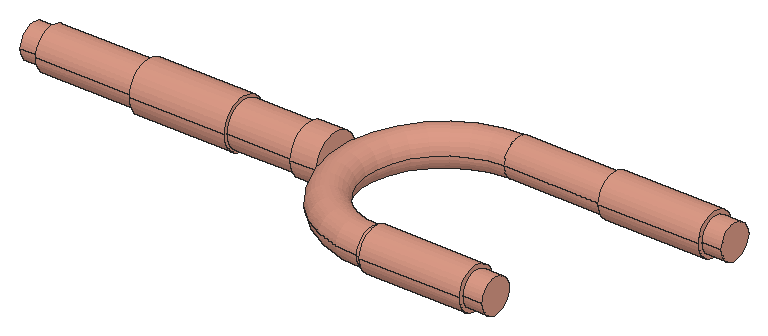
Revit family "outputfile", category 配管付属品, Revit 2024
Family settings
  丸型コネクタ寸法 = 半径を使用
  パーツ タイプ = 標準
  OmniClass 番号 = 23.65.55.00
  OmniClass タイトル = Distribution of Supplied Liquids/Gases
  作業面ベース = いいえ
  常に垂直 = はい
  ロード時にボイドで切り取り = いいえ
  共有 = いいえ
Parameters (values of type "KHRP24B22T")
  Description = ""
  製造元 = "Daikin"
  書き出し IFC クラス(タイプ) = "IfcPipeFittingType"
  定義済み IFC タイプ(タイプ) = "JUNCTION"
  Cost = 0
  Type Comments = ""
  Keynote = ""
  Type Image = (empty or 0)
  Assembly Code = ""
  switch_StraightPipe_Reducer2 [instance] = if(Is_StraightPipe Reducer = 1, 1 = 1, 1 = 0)  # no
  switch_StraightPipe1 [instance] = if(number_StraightPipe < 1, 1 = 0, 1 = 1)  # yes
  switch_StraightPipe4 [instance] = if(number_StraightPipe = 4, 1 = 1, 1 = 0)  # no
  switch_StraightPipe0 = if(1 = 1, 1 = 1, 1 = 0)  # yes
  switch_Inlet pipe1 [instance] = if(number_InletPipe = 0, 1 = 0, 1 = 1)  # yes
  switch_BranchPipe1 [instance] = if(number_BranchPipe = 0, 1 = 0, 1 = 1)  # yes
  mm⇔inch [instance] = yes
  l_dividePipe2 [instance] = size_lookup(table_Inlet, "L_devidePipe2", 49.3 mm, モデル)  # 49.26 mm
  l_dividePipe0 [instance] = 7.5 mm
  l_StraightPipe000 [instance] = if(l_StraightPipe0 = 36.0 mm, l_StraightPipe4 + l_StraightPipe0, 0.0 mm)  # 0.0 mm
  l_StraightPipe4 [instance] = size_lookup(table_StraightPipe, "L_Pipe4", 2.0 mm, モデル)  # 2.0 mm
  l_InletPipe000 [instance] = if(l_InletPipe3 = 2.0 mm, 0.0 mm, l_InletPipe3)  # 8.0 mm
  l_InletPipe00 = 11.47 mm
  l_BranchPipe_Straight2 [instance] = size_lookup(table_BranchPipe, "L_offsetPipe2", 2.0 mm, モデル)  # 2.0 mm
  l_BranchPipe_Straight1 [instance] = size_lookup(table_BranchPipe, "L_offsetPipe1", 2.0 mm, モデル)  # 2.0 mm
  URL = ""
  Is_StraightPipe Reducer1 [instance] = size_lookup(table_StraightPipe, "IsReducer1", 0, モデル, StraightPipe_Gas_ActualDiameter)  # 0
  I.D_StraightPipe4 [instance] = size_lookup(table_StraightPipe, "I.D_PipeSize4", 2.0 mm, モデル)  # 2.0 mm
  I.D_InletPipe000 [instance] = I.D_OutletPipe + 2.0 mm  # 15.88 mm
  I.D_InletPipe00 = 19.2 mm
  既定の高さ = 0.0 mm
  モデル = "KHRP24B22T"
  table_StraightPipe [instance] = if(mm⇔inch, "Refnet Joint_KHRP24B-T_Gas_StraightPipe", "Refnet Joint_KHRP24B-T_Gas_StraightPipe_inch")  # "Refnet Joint_KHRP24B-T_Gas_StraightPipe"
  table_BranchPipe [instance] = if(mm⇔inch, "Refnet Joint_KHRP24B-T_Gas_BranchPipe", "Refnet Joint_KHRP24B-T_Gas_BranchPipe_inch")  # "Refnet Joint_KHRP24B-T_Gas_BranchPipe"
  table_Inlet [instance] = if(mm⇔inch, "Refnet Joint_KHRP24B-T_Gas_Inlet", "Refnet Joint_KHRP24B-T_Gas_Inlet_inch")  # "Refnet Joint_KHRP24B-T_Gas_Inlet"
  switch_StraightPipe_Reducer1 [instance] = if(Is_StraightPipe Reducer1 = 1, 1 = 1, 1 = 0)  # no
  switch_StraightPipe3 [instance] = if(number_StraightPipe < 3, 1 = 0, 1 = 1)  # no
  switch_StraightPipe2 [instance] = if(number_StraightPipe < 2, 1 = 0, 1 = 1)  # no
  switch_BranchPipe_Reducer [instance] = if(Is_BranchPipe Reducer = 1, 1 = 1, 1 = 0)  # no
  switch_BranchPipe3 [instance] = if(number_BranchPipe = 3, 1 = 1, 1 = 0)  # no
  switch_BranchPipe2 [instance] = if(number_BranchPipe < 2, 1 = 0, 1 = 1)  # yes
  switch_Inlet pipe_Reducer [instance] = if(Is_Inlet Reducer = 1, 1 = 1, 1 = 0)  # no
  switch_Inlet pipe3 [instance] = if(number_InletPipe = 3, 1 = 1, 1 = 0)  # yes
  switch_Inlet pipe2 [instance] = if(number_InletPipe < 2, 1 = 0, 1 = 1)  # yes
  Uniclass2015Version = "Products v1.31"
  Uniclass2015Title = "Copper pipe fittings"
  Uniclass2015Code = "Pr_65_52_63_18"
  StraightPipe_Gas_ActualDiameter [instance] = 12.7 mm
  Material_Piping = DAIKIN_Copper_Pipe
  Material_Insulation = DAIKIN_White_Insulation
  lw_Insulation [instance] = size_lookup(table_Inlet, "lw_Insulation", 45.0 mm, モデル)  # 44.96 mm
  Unit Type = "KHRP24B-T_Gas"
  Tag No. [instance] = ""
  StraightPipe_Gas_Status [instance] = size_lookup(table_StraightPipe, "Information", "The connected pipe size is not available.", モデル, StraightPipe_Gas_ActualDiameter)  # "Default connector size is used."
  Link_Nested Family [instance] = ""
  Inlet_Gas_Actual Diameter [instance] = 12.7 mm
  IfcVersion = ""
  IfcExportType = "JUNCTION"
  IfcExportAs = "IfcPipeFittingType"
  BranchPipe_Gas_Status [instance] = size_lookup(table_BranchPipe, "Information", "The connected pipe size is not available.", モデル, BranchPipe_Gas_ActualDiameter)  # "Default connector size is used."
  Inlet_Gas_Status [instance] = size_lookup(table_Inlet, "Information", "The connected pipe size is not available.", モデル, Inlet_Gas_Actual Diameter)  # "Default connector size is used."
  Series = "Refnet Joint"
  r_StraightPipe_Connector [instance] = StraightPipe_Gas_ActualDiameter / 2  # 6.35 mm
  r_BranchPipe_Connector [instance] = BranchPipe_Gas_ActualDiameter / 2  # 6.35 mm
  r_Inlet_Connector [instance] = Inlet_Gas_Actual Diameter / 2  # 6.35 mm
  number_StraightPipe [instance] = size_lookup(table_StraightPipe, "pipeNumber", 2, モデル, StraightPipe_Gas_ActualDiameter)  # 1
  number_BranchPipe [instance] = size_lookup(table_BranchPipe, "pipeNumber", 2, モデル, BranchPipe_Gas_ActualDiameter)  # 2
  number_InletPipe [instance] = size_lookup(table_Inlet, "pipeNumber", 3, モデル, Inlet_Gas_Actual Diameter)  # 3
  l_BranchPipe connector [instance] = size_lookup(table_BranchPipe, "Length", 52.3 mm, モデル, BranchPipe_Gas_ActualDiameter)  # 52.27 mm
  l_inlet connector [instance] = size_lookup(table_Inlet, "Length", 131.5 mm, モデル, Inlet_Gas_Actual Diameter)  # 131.47 mm
  l_dividePipe1 [instance] = size_lookup(table_Inlet, "L_devidePipe1", 89.3 mm, モデル)  # 89.26 mm
  l_StraightPipeReducer [instance] = size_lookup(table_StraightPipe, "L_Reducer", 2.0 mm, モデル, StraightPipe_Gas_ActualDiameter)  # 2.0 mm
  l_StraightPipe3 [instance] = size_lookup(table_StraightPipe, "L_Pipe3", 2.0 mm, モデル)  # 2.0 mm
  l_StraightPipe2 [instance] = size_lookup(table_StraightPipe, "L_Pipe2", 8.7 mm, モデル)  # 2.0 mm
  l_StraightPipe1 [instance] = size_lookup(table_StraightPipe, "L_Pipe1", 43.6 mm, モデル)  # 8.7 mm
  l_StraightPipe0 [instance] = size_lookup(table_StraightPipe, "L_Pipe0", 2.0 mm, モデル)  # 43.6 mm
  l_StraightPipe connector [instance] = size_lookup(table_StraightPipe, "Length", 52.3 mm, モデル, StraightPipe_Gas_ActualDiameter)  # 52.3 mm
  l_BranchPipe Reducer [instance] = size_lookup(table_BranchPipe, "L_Reducer", 2.0 mm, モデル, BranchPipe_Gas_ActualDiameter)  # 2.0 mm
  l_BranchPipe3 [instance] = size_lookup(table_BranchPipe, "L_Pipe3", 2.0 mm, モデル)  # 2.0 mm
  l_BranchPipe2 [instance] = size_lookup(table_BranchPipe, "L_Pipe2", 8.7 mm, モデル)  # 8.65 mm
  l_BranchPipe1 [instance] = size_lookup(table_BranchPipe, "L_Pipe1", 43.6 mm, モデル)  # 43.62 mm
  l_BranchPipe0 [instance] = size_lookup(table_BranchPipe, "L_Pipe0", 2.0 mm, モデル)  # 2.0 mm
  l_InletReducer [instance] = size_lookup(table_Inlet, "L_Reducer", 2.0 mm, モデル, Inlet_Gas_Actual Diameter)  # 2.0 mm
  l_InletPipe3 [instance] = size_lookup(table_Inlet, "L_Pipe3", 8.0 mm, モデル)  # 8.0 mm
  l_InletPipe2 [instance] = size_lookup(table_Inlet, "L_Pipe2", 42.0 mm, モデル)  # 42.0 mm
  l_InletPipe1 [instance] = size_lookup(table_Inlet, "L_Pipe1", 41.4 mm, モデル)  # 41.41 mm
  l_InletPipe0 [instance] = size_lookup(table_Inlet, "L_Pipe0", 28.6 mm, モデル)  # 28.59 mm
  center_StraightPipe [instance] = size_lookup(table_StraightPipe, "center_Pipe", 40.0 mm, モデル)  # 40.0 mm
  center_BranchPipe [instance] = size_lookup(table_BranchPipe, "center_OffsetPipe", 40.0 mm, モデル)  # 40.0 mm
  StraightPipe_Gas_AvailableDiameter [instance] = size_lookup(table_StraightPipe, "sizeVariation", "", モデル)  # "12.7/15.9/19.1mm"
  BranchPipe_Gas_AvailableDiameter [instance] = size_lookup(table_BranchPipe, "sizeVariation", "", モデル)  # "12.7/15.9mm"
  Inlet_Gas_Available Diameter [instance] = size_lookup(table_Inlet, "sizeVariation", "", モデル)  # "12.7/15.9/19.1mm"
  O.D_StraightPipe Reducer [instance] = size_lookup(table_StraightPipe, "O.D_reducer", 2.0 mm, モデル, StraightPipe_Gas_ActualDiameter)  # 2.0 mm
  O.D_Offset Outlet Reducer [instance] = size_lookup(table_BranchPipe, "O.D_reducer", 2.0 mm, モデル, BranchPipe_Gas_ActualDiameter)  # 2.0 mm
  O.D_Inlet Reducer [instance] = size_lookup(table_Inlet, "O.D_reducer", 2.0 mm, モデル, Inlet_Gas_Actual Diameter)  # 2.0 mm
  Is_StraightPipe Reducer [instance] = size_lookup(table_StraightPipe, "IsReducer", 0, モデル, StraightPipe_Gas_ActualDiameter)  # 0
  Is_BranchPipe Reducer [instance] = size_lookup(table_BranchPipe, "IsReducer", 0, モデル, BranchPipe_Gas_ActualDiameter)  # 0
  Is_Inlet Reducer [instance] = size_lookup(table_Inlet, "IsReducer", 0, モデル, Inlet_Gas_Actual Diameter)  # 0
  BranchPipe_Gas_ActualDiameter [instance] = 12.7 mm
  Attach_Insulation [instance] = no
  I.D_StraightPipe3 [instance] = size_lookup(table_StraightPipe, "I.D_PipeSize3", 2.0 mm, モデル)  # 2.0 mm
  I.D_StraightPipe2 [instance] = size_lookup(table_StraightPipe, "I.D_PipeSize2", 12.7 mm, モデル)  # 2.0 mm
  I.D_StraightPipe1 [instance] = size_lookup(table_StraightPipe, "I.D_PipeSize1", 15.9 mm, モデル)  # 12.7 mm
  I.D_StraightPipe0 [instance] = size_lookup(table_StraightPipe, "I.D_PipeSize0", 2.0 mm, モデル)  # 15.9 mm
  I.D_BranchPipe3 [instance] = size_lookup(table_BranchPipe, "I.D_PipeSize3", 2.0 mm, モデル)  # 2.0 mm
  I.D_BranchPipe2 [instance] = size_lookup(table_BranchPipe, "I.D_PipeSize2", 12.7 mm, モデル)  # 12.7 mm
  I.D_BranchPipe1 [instance] = size_lookup(table_BranchPipe, "I.D_PipeSize1", 15.9 mm, モデル)  # 15.9 mm
  I.D_BranchPipe0 [instance] = size_lookup(table_BranchPipe, "I.D_PipeSize0", 2.0 mm, モデル)  # 2.0 mm
  I.D_Straight Reducer [instance] = size_lookup(table_StraightPipe, "I.D_reducer", 2.0 mm, モデル, StraightPipe_Gas_ActualDiameter)  # 2.0 mm
  I.D_OutletPipe [instance] = size_lookup(table_Inlet, "I.D_OutletPipeSize", 13.9 mm, モデル, Inlet_Gas_Actual Diameter)  # 13.88 mm
  I.D_Branch Reducer [instance] = size_lookup(table_BranchPipe, "I.D_reducer", 2.0 mm, モデル, BranchPipe_Gas_ActualDiameter)  # 2.0 mm
  I.D_Inlet Reducer [instance] = size_lookup(table_Inlet, "I.D_reducer", 2.0 mm, モデル, Inlet_Gas_Actual Diameter)  # 2.0 mm
  I.D_InletPipe3 [instance] = size_lookup(table_Inlet, "I.D_PipeSize3", 12.7 mm, モデル)  # 12.7 mm
  I.D_InletPipe2 [instance] = size_lookup(table_Inlet, "I.D_PipeSize2", 15.9 mm, モデル)  # 15.9 mm
  I.D_InletPipe1 [instance] = size_lookup(table_Inlet, "I.D_PipeSize1", 19.1 mm, モデル)  # 19.1 mm
  I.D_InletPipe0 [instance] = size_lookup(table_Inlet, "I.D_PipeSize0", 17.1 mm, モデル)  # 17.1 mm
Reference planes
  plane 1 "Center (Front/Back)": y = 0
  plane 2: z = 0
  plane 3 "base_left": x = 0
  plane 4: x = 8
  plane 5: x = 50
  plane 6: x = 91.41
  plane 7: x = 120
  plane 8: x = 131.47
  plane 9 "l_dividePipe1": x = 220.73
  plane 10: x = 264.33
  plane 11 "center_straight outlet": y = 40
  plane 12 "center2_offset outlet": y = -40
  plane 13: x = 273.03
  plane 14: x = 275.03
  plane 15: x = 224.35
  plane 16: x = 233
  plane 17: x = 277.03
  plane 18: x = 235
  plane 19 "Reducer_straightoutlet": x = 233
  plane 20 "connector1": x = 273.03
  plane 21 "Inlet_connector": x = 0
  plane 22 "Left_Insulation": x = 86.51
  plane 23: x = 138.97
  plane 24 "l_dividePipe2": x = 180.73
  plane 25: x = 178.97
  plane 26 "2": x = 8
  plane 27: x = 279.03
Forms (mm)
  Sweep 1, solid, material "DAIKIN_Copper_Pipe" <- "Material_Piping"
    path origin (0, 0, 0) x (1, 0, 0) y (0, 1, 0)
      loop
        line (180.73, -40) -> (178.97, -40)
        arc (178.97, -40) -> (138.97, 0) -> (178.97, 40) r 40
        line (178.97, 40) -> (220.73, 40)
    profile origin (199.85, 40, 0) x (0, 1, 0) y (0, 0, 1)
      loop
        circle (0, 0) r 7.94
Dimensions and locks
  "l_InletPipe3": plane 3 "base_left" to plane 4
  "l_InletPipe2": plane 26 "2" to plane 5
  "l_InletPipe1": plane 5 to plane 6
  "l_InletPipe0": plane 6 to plane 7
  "l_InletPipe00": plane 7 to plane 8
  "center_StraightPipe": plane 1 "Center (Front/Back)" to plane 11 "center_straight outlet"
  "center_BranchPipe": plane 12 "center2_offset outlet" to plane 1 "Center (Front/Back)"
  "l_dividePipe1": plane 8 to plane 9 "l_dividePipe1"
  "l_StraightPipe1": plane 10 to plane 13
  "l_BranchPipe2": plane 15 to plane 16
  "l_StraightPipe3": plane 14 to plane 17
  "l_BranchPipe3": plane 16 to plane 18
  "l_BranchPipe connector": plane 24 "l_dividePipe2" to plane 19 "Reducer_straightoutlet"
  "l_StraightPipe connector": plane 9 "l_dividePipe1" to plane 20 "connector1"
  "l_inlet connector": plane 21 "Inlet_connector" to plane 8
  "lw_Insulation": plane 22 "Left_Insulation" to plane 8
  "l_dividePipe0": plane 8 to plane 23
  "l_dividePipe2": plane 8 to plane 24 "l_dividePipe2"
  "l_BranchPipe1": plane 24 "l_dividePipe2" to plane 15
  "center_StraightPipe": plane 23 to plane 25
  "l_InletPipe000": plane 3 "base_left" to plane 26 "2"
  "l_StraightPipe0": plane 9 "l_dividePipe1" to plane 10
  "l_StraightPipe2": plane 13 to plane 14
  "l_StraightPipe4": plane 17 to plane 27
  "center_StraightPipe": radius of Sweep 1 sketch curve
  "I.D_InletPipe000": diameter of Sweep 1 sketch curve
  aligned and locked: level to plane 2
  aligned and locked: plane 8 to nested 1
  aligned and locked: plane 1 "Center (Front/Back)" to nested 1
  aligned and locked: plane 11 "center_straight outlet" to nested 2
  aligned and locked: nested 2 to plane 9 "l_dividePipe1"
  aligned and locked: plane 12 "center2_offset outlet" to nested 3
  aligned and locked: nested 4 to plane 1 "Center (Front/Back)"
  aligned and locked: nested 5 to plane 12 "center2_offset outlet"
  aligned and locked: plane 20 "connector1" to nested 6
  aligned and locked: nested 6 to plane 11 "center_straight outlet"
  aligned and locked: nested 4 to plane 21 "Inlet_connector"
  aligned and locked: plane 19 "Reducer_straightoutlet" to nested 5
  aligned and locked: plane 1 "Center (Front/Back)" to nested 7
  aligned and locked: plane 22 "Left_Insulation" to nested 7
  aligned and locked: plane 1 "Center (Front/Back)" to Sweep 1 sketch curve
  aligned and locked: plane 9 "l_dividePipe1" to Sweep 1 sketch curve
  aligned and locked: plane 25 to Sweep 1 sketch curve
  aligned and locked: plane 24 "l_dividePipe2" to nested 3
  aligned and locked: nested 8 to plane 11 "center_straight outlet"
  aligned and locked: plane 24 "l_dividePipe2" to Sweep 1 sketch curve
  aligned and locked: plane 1 "Center (Front/Back)" to nested 9
  aligned and locked: nested 9 to plane 8
  aligned and locked: nested 9 to plane 7
  aligned and locked: plane 2 to nested 9
  aligned and locked: nested 10 to plane 7
  aligned and locked: plane 1 "Center (Front/Back)" to nested 10
  aligned and locked: plane 6 to nested 10
  aligned and locked: plane 1 "Center (Front/Back)" to nested 11
  aligned and locked: plane 6 to nested 11
  aligned and locked: plane 5 to nested 11
  aligned and locked: plane 5 to nested 12
  aligned and locked: plane 26 "2" to nested 12
  aligned and locked: plane 3 "base_left" to nested 13
  aligned and locked: plane 4 to nested 13
  aligned and locked: plane 24 "l_dividePipe2" to nested 14
  aligned and locked: nested 14 to plane 12 "center2_offset outlet"
  aligned and locked: plane 15 to nested 14
  aligned and locked: nested 15 to plane 12 "center2_offset outlet"
  aligned and locked: plane 15 to nested 15
  aligned and locked: plane 16 to nested 15
  aligned and locked: nested 16 to plane 12 "center2_offset outlet"
  aligned and locked: plane 16 to nested 16
  aligned and locked: plane 18 to nested 16
  aligned and locked: nested 17 to plane 11 "center_straight outlet"
  aligned and locked: nested 17 to plane 9 "l_dividePipe1"
  aligned and locked: nested 17 to plane 10
  aligned and locked: nested 18 to plane 11 "center_straight outlet"
  aligned and locked: nested 18 to plane 10
  aligned and locked: nested 19 to plane 11 "center_straight outlet"
  aligned and locked: plane 13 to nested 18
  aligned and locked: nested 20 to plane 11 "center_straight outlet"
  aligned and locked: nested 21 to plane 11 "center_straight outlet"
  aligned and locked: plane 17 to nested 21
  aligned and locked: plane 27 to nested 21
  aligned and locked: plane 17 to nested 20
  aligned and locked: plane 14 to nested 20
  aligned and locked: plane 14 to nested 19
  aligned and locked: plane 13 to nested 19
  aligned and locked: nested 8 to plane 10
Automatic sketch dimensions
  Sweep 1 sketch curve to level = 0.0 mm
  Sweep 1 sketch curve to profile plane = 0.0 mm
Nested families
  nested 1: "daikin_connector_rotate2" at (131.47, 0, 0) x (0, -1, 0) z (0, 0, 1), length <- "l_inlet connector", type "daikin_connector_rotate2"
    with radius 5.0 mm, length 131.47 mm, angle_vertical 90.00°, show_face no, locaton_mark no
  nested 2: "daikin_connector_rotate2" at (220.73, 40, 0) x (0, 1, 0) z (0, 0, 1), length <- "l_StraightPipe connector", type "daikin_connector_rotate2"
    with radius 5.0 mm, length 52.3 mm, angle_vertical 90.00°, show_face no, locaton_mark no
  nested 3: "daikin_connector_rotate2" at (180.73, -40, 0) x (0, 1, 0) z (0, 0, 1), length <- "l_BranchPipe connector", type "daikin_connector_rotate2"
    with radius 5.0 mm, length 52.27 mm, angle_vertical 90.00°, show_face no, locaton_mark no
  nested 4: "daikin_Pipe_reducer" at (1, 0, 0) x (-1, 0, 0) z (0, 0, 1), display <- "switch_Inlet pipe_Reducer", length_Pipe <- "l_InletReducer", I.D_Pipe1 <- "I.D_Inlet Reducer", O.D_Pipe2 <- "O.D_Inlet Reducer", type "*"
    with length_Pipe 2.0 mm, display no, O.D_Pipe2 2.0 mm, O.D_Pipe1 4.0 mm, I.D_Pipe2 0.0 mm, I.D_Pipe1 2.0 mm
  nested 5: "daikin_Pipe_reducer" at (232, -40, 0), I.D_Pipe1 <- "I.D_Branch Reducer", O.D_Pipe2 <- "O.D_Offset Outlet Reducer", length_Pipe <- "l_BranchPipe Reducer", display <- "switch_BranchPipe_Reducer", type "*"
    with length_Pipe 2.0 mm, display no, O.D_Pipe2 2.0 mm, O.D_Pipe1 4.0 mm, I.D_Pipe2 0.0 mm, I.D_Pipe1 2.0 mm
  nested 6: "daikin_Pipe_reducer" at (272.03, 40, 0), I.D_Pipe1 <- "I.D_Straight Reducer", O.D_Pipe2 <- "O.D_StraightPipe Reducer", length_Pipe <- "l_StraightPipeReducer", display <- "switch_StraightPipe_Reducer2", type "*"
    with length_Pipe 2.0 mm, display no, O.D_Pipe2 2.0 mm, O.D_Pipe1 4.0 mm, I.D_Pipe2 0.0 mm, I.D_Pipe1 2.0 mm
  nested 7: "daikin_Insulation_RefnetJoint" at (86.51, 0, 0), I.D_Outlet PipeSize <- "I.D_OutletPipe", type "*"
    with h 45.88 mm, I.D_Outlet PipeSize 13.88 mm, display no
  nested 8: "daikin_Pipe_reducer" at (265.33, 40, 0), display <- "switch_StraightPipe_Reducer1", length_Pipe <- "l_StraightPipeReducer", type "*"
    with length_Pipe 2.0 mm, display no, O.D_Pipe2 19.1 mm, O.D_Pipe1 24.2 mm, I.D_Pipe2 17.1 mm, I.D_Pipe1 22.2 mm
  nested 9: "daikin_Pipe" at (125.735, 0, 0), I.D_Pipe <- "I.D_InletPipe00", type "*"
    with length_Pipe 11.47 mm, display yes, O.D_Pipe 21.2 mm, I.D_Pipe 19.2 mm
  nested 10: "daikin_Pipe" at (105.705, 0, 0), I.D_Pipe <- "I.D_InletPipe0", type "*"
    with length_Pipe 28.59 mm, display yes, O.D_Pipe 19.1 mm, I.D_Pipe 17.1 mm
  nested 11: "daikin_Pipe" at (70.705, 0, 0), I.D_Pipe <- "I.D_InletPipe1", display <- "switch_Inlet pipe1", type "*"
    with length_Pipe 41.41 mm, display yes, O.D_Pipe 21.1 mm, I.D_Pipe 19.1 mm
  nested 12: "daikin_Pipe" at (29, 0, 0), I.D_Pipe <- "I.D_InletPipe2", display <- "switch_Inlet pipe2", type "*"
    with length_Pipe 42.0 mm, display yes, O.D_Pipe 17.9 mm, I.D_Pipe 15.9 mm
  nested 13: "daikin_Pipe" at (4, 0, 0), I.D_Pipe <- "I.D_InletPipe3", display <- "switch_Inlet pipe3", type "*"
    with length_Pipe 8.0 mm, display yes, O.D_Pipe 14.7 mm, I.D_Pipe 12.7 mm
  nested 14: "daikin_Pipe" at (202.54, -40, 0), I.D_Pipe <- "I.D_BranchPipe1", display <- "switch_BranchPipe1", type "*"
    with length_Pipe 43.62 mm, display yes, O.D_Pipe 17.9 mm, I.D_Pipe 15.9 mm
  nested 15: "daikin_Pipe" at (228.675, -40, 0), I.D_Pipe <- "I.D_BranchPipe2", display <- "switch_BranchPipe2", type "*"
    with length_Pipe 8.65 mm, display yes, O.D_Pipe 14.7 mm, I.D_Pipe 12.7 mm
  nested 16: "daikin_Pipe" at (234, -40, 0), I.D_Pipe <- "I.D_BranchPipe3", display <- "switch_BranchPipe3", type "*"
    with length_Pipe 2.0 mm, display no, O.D_Pipe 4.0 mm, I.D_Pipe 2.0 mm
  nested 17: "daikin_Pipe" at (242.53, 40, 0), I.D_Pipe <- "I.D_StraightPipe0", display <- "switch_StraightPipe0", type "*"
    with length_Pipe 43.6 mm, display yes, O.D_Pipe 17.9 mm, I.D_Pipe 15.9 mm
  nested 18: "daikin_Pipe" at (268.68, 40, 0), I.D_Pipe <- "I.D_StraightPipe1", display <- "switch_StraightPipe1", type "*"
    with length_Pipe 8.7 mm, display yes, O.D_Pipe 14.7 mm, I.D_Pipe 12.7 mm
  nested 19: "daikin_Pipe" at (274.03, 40, 0), I.D_Pipe <- "I.D_StraightPipe2", display <- "switch_StraightPipe2", type "*"
    with length_Pipe 2.0 mm, display no, O.D_Pipe 4.0 mm, I.D_Pipe 2.0 mm
  nested 20: "daikin_Pipe" at (276.03, 40, 0), I.D_Pipe <- "I.D_StraightPipe3", display <- "switch_StraightPipe3", type "*"
    with length_Pipe 2.0 mm, display no, O.D_Pipe 4.0 mm, I.D_Pipe 2.0 mm
  nested 21: "daikin_Pipe" at (278.03, 40, 0), I.D_Pipe <- "I.D_StraightPipe4", display <- "switch_StraightPipe4", type "*"
    with length_Pipe 2.0 mm, display no, O.D_Pipe 4.0 mm, I.D_Pipe 2.0 mm
Connectors
  piping at (0, 0, 0), diameter 12.7, driven by "r_Inlet_Connector"
    settings: on nested 1, index 1, connector inside diameter 609.6 mm, connector length 0.0 mm, flow factor 0, pipe flow 0.00 m³/h, pressure drop 0.0 Pa, fitting loss kfactor 0, connector angle 0.00°, fixture units 0, engagement length 0.0 mm, angle of deflection 0.00°, flow configuration 0, flow direction 2, fitting loss method 0, system type 29, joint type 0, gender type 0, connector reference index -1, connector utility 0, adjustable connector no, is connector primary yes, connector description "Refnet Joint_Inlet_Gas"
  piping at (233, -40, 0), diameter 12.7, driven by "r_BranchPipe_Connector"
    settings: on nested 3, index 2, connector inside diameter 609.6 mm, connector length 0.0 mm, flow factor 0, pipe flow 0.00 m³/h, pressure drop 0.0 Pa, fitting loss kfactor 0, connector angle 0.00°, fixture units 0, engagement length 0.0 mm, angle of deflection 0.00°, flow configuration 0, flow direction 1, fitting loss method 0, system type 29, joint type 0, gender type 0, connector reference index -1, connector utility 0, adjustable connector no, is connector primary no, connector description "Refnet Joint_Outlet Branch_Gas"
  piping at (273.03, 40, 0), diameter 12.7, driven by "r_StraightPipe_Connector"
    settings: on nested 2, index 3, connector inside diameter 609.6 mm, connector length 0.0 mm, flow factor 0, pipe flow 0.00 m³/h, pressure drop 0.0 Pa, fitting loss kfactor 0, connector angle 0.00°, fixture units 0, engagement length 0.0 mm, angle of deflection 0.00°, flow configuration 0, flow direction 1, fitting loss method 0, system type 29, joint type 0, gender type 0, connector reference index -1, connector utility 0, adjustable connector no, is connector primary no, connector description "Refnet Joint_Outlet Straight_Gas"
Definition of nested family "daikin_Pipe"
  Parameters (values of type "*")
    Default Elevation = 0.0 mm
    material = none
    length_Pipe [instance] = 150.0 mm
    display [instance] = yes
    O.D_Pipe [instance] = I.D_Pipe + 2.0 mm  # 27.0 mm
    I.D_Pipe [instance] = 25.0 mm
  Reference planes
    plane 1 "Center (Front/Back)": y = 0
    plane 2 "center(vertical)": z = 0
    plane 3 "Center (Left/Right)": x = 0
    plane 4 "left": x = -75
    plane 5 "right": x = 75
  Forms (mm)
    Extrusion 1, solid, material <- "material", visible <- "display"
      sketch origin (0, 0, 0) x (0, 1, 0) y (0, 0, 1)
        loop
          circle (0, 0) r 13.5
      from -75 to 75
  Dimensions and locks
    equal spacing: plane 4 "left", plane 3 "Center (Left/Right)", plane 5 "right"
    "length_Pipe": plane 4 "left" to plane 5 "right"
    "O.D_Pipe": diameter of Extrusion 1 sketch curve
    aligned and locked: level to plane 2 "center(vertical)"
    aligned and locked: plane 2 "center(vertical)" to Extrusion 1 sketch curve
    aligned and locked: plane 1 "Center (Front/Back)" to Extrusion 1 sketch curve
    aligned and locked: plane 5 "right" to Extrusion 1
    aligned and locked: Extrusion 1 to plane 4 "left"
Definition of nested family "daikin_connector_rotate2"
  Parameters (values of type "daikin_connector_rotate2")
    show_face = yes
    radius [instance] = 10.0 mm
    locaton_mark = yes
    length [instance] = 600.0 mm
    d_surface = 10.0 mm
    angle_vertical [instance] = 90.00°
    Default Elevation = 0.0 mm
  Reference planes
    plane 1 "Center (Front/Back)": y = 0
    plane 2: z = 0
    plane 3 "Center (Left/Right)": x = 0
  Forms (mm)
    Extrusion 1, solid, visible <- "show_face"
      sketch origin (0, -600, 0) x (1, 0, 0) y (0, 0, 1)
        loop
          circle (0, 0) r 10
      from 0 to -10
  Lines and regions (mm)
    reference lines
      curve 1: line (0, 0, 0) -> (0, -600, 0)
    symbolic lines, visible <- "locaton_mark"
      curve 2: circle (0, 0, 0) r 5 normal (0, 0, 1)
    model lines, visible <- "show_face"
      curve 3: line (0, 0, 0) -> (0, -600, 0)
  Dimensions and locks
    "length": curve 1 to curve 1
    "length": curve 3 to curve 3
    "d_surface": Extrusion 1 to Extrusion 1
    "radius": radius of Extrusion 1 sketch curve
    "angle_vertical": angle curve 1 to plane 1 "Center (Front/Back)"
    "angle_vertical": angle curve 3 to plane 1 "Center (Front/Back)"
    aligned and locked: level to plane 2
    aligned and locked: plane 1 "Center (Front/Back)" to curve 1
    aligned and locked: plane 2 to curve 1
    aligned and locked: plane 1 "Center (Front/Back)" to curve 2
    aligned and locked: plane 3 "Center (Left/Right)" to curve 2
    aligned and locked: plane 1 "Center (Front/Back)" to curve 3
    aligned and locked: plane 2 to curve 3
    aligned and locked: Extrusion 1 to Extrusion 1
  Automatic sketch dimensions
    Extrusion 1 sketch curve to level = 0.0 mm
    Extrusion 1 sketch curve to plane 3 "Center (Left/Right)" = 0.0 mm
    radius of curve 2 = 5.0 mm
Definition of nested family "daikin_Pipe_reducer"
  Parameters (values of type "*")
    Default Elevation = 0.0 mm
    material = none
    length_Pipe [instance] = 250.0 mm
    display [instance] = yes
    O.D_Pipe2 [instance] = 19.1 mm
    O.D_Pipe1 [instance] = I.D_Pipe1 + 2.0 mm  # 24.2 mm
    I.D_Pipe2 [instance] = O.D_Pipe2 - 2.0 mm  # 17.1 mm
    I.D_Pipe1 [instance] = 22.2 mm
  Reference planes
    plane 1 "Center (Front/Back)": y = 0
    plane 2 "center(vertical)": z = 0
    plane 3 "Center (Left/Right)": x = 0
    plane 4 "connection": x = -125
    plane 5 "right": x = 113
    plane 6: x = 125
  Forms (mm)
    Extrusion 1, solid, material <- "material", visible <- "display"
      sketch origin (0, 0, 0) x (0, 1, 0) y (0, 0, 1)
        loop
          circle (0, 0) r 9.55
      from -125 to 113
    Extrusion 2, solid, material <- "material", visible <- "display"
      sketch origin (0, 0, 0) x (0, 1, 0) y (0, 0, 1)
        loop
          circle (0, 0) r 12.1
      from 113 to 125
  Dimensions and locks
    locked: plane 5 "right" to plane 6 at 12
    "length_Pipe": plane 4 "connection" to plane 6
    equal spacing: plane 4 "connection", plane 3 "Center (Left/Right)", plane 6
    "O.D_Pipe2": diameter of Extrusion 1 sketch curve
    "O.D_Pipe1": diameter of Extrusion 2 sketch curve
    aligned and locked: level to plane 2 "center(vertical)"
    aligned and locked: plane 2 "center(vertical)" to Extrusion 1 sketch curve
    aligned and locked: plane 1 "Center (Front/Back)" to Extrusion 1 sketch curve
    aligned and locked: plane 5 "right" to Extrusion 1
    aligned and locked: Extrusion 1 to plane 4 "connection"
    aligned and locked: plane 2 "center(vertical)" to Extrusion 2 sketch curve
    aligned and locked: plane 1 "Center (Front/Back)" to Extrusion 2 sketch curve
    aligned and locked: Extrusion 2 to plane 5 "right"
    aligned and locked: plane 6 to Extrusion 2
Definition of nested family "daikin_Insulation_RefnetJoint"
  Parameters (values of type "*")
    Default Elevation = 0.0 mm
    Model = "KHRP24B22T"
    w_Insulation3 = size_lookup(table_Insulation, "w_Insulation3", 16.0 mm, Model)  # 35.0 mm
    w_Insulation2 = size_lookup(table_Insulation, "w_Insulation2", 77.0 mm, Model)  # 77.0 mm
    w_Insulation1 = size_lookup(table_Insulation, "w_Insulation1", 28.0 mm, Model)  # 28.0 mm
    table_Insulation = "Refnet Joint_KHRP24B-T_Gas_Insulation"  # constant formula
    r_Insulation = 72.0 mm  # constant formula
    material = none
    h [instance] = (I.D_Outlet PipeSize + 2.0 mm) + 30.0 mm  # 47.0 mm
    display = yes
    d_Insulation3 = size_lookup(table_Insulation, "d_Insulation3", 16.0 mm, Model)  # 16.0 mm
    d_Insulation2 = size_lookup(table_Insulation, "d_Insulation2", 64.0 mm, Model)  # 64.0 mm
    d_Insulation1 = size_lookup(table_Insulation, "d_Insulation1", 144.0 mm, Model)  # 144.0 mm
    I.D_Outlet PipeSize [instance] = 15.0 mm
  Reference planes
    plane 1 "Center (Front/Back)": y = 0
    plane 2: z = 0
    plane 3 "Left": x = 0
    plane 4 "top": z = 23.5
    plane 5 "bottom": z = -23.5
    plane 6: x = 28
    plane 7: y = 32
    plane 8: y = -32
    plane 9: y = 72
    plane 10: y = -72
    plane 11: x = 105
    plane 12: x = 140
    plane 13: y = 8
    plane 14: y = -8
  Forms (mm)
    Extrusion 1, solid, material <- "material", visible <- "display"
      sketch origin (-2, 0, 0) x (1, 0, 0) y (0, 1, 0)
        loop
          arc (94.498, 72) -> (56.551, 61.188) -> (30, 32) r 72
          line (30, 32) -> (2, 32) -> (2, -32) -> (30, -32)
          arc (30, -32) -> (56.551, -61.188) -> (94.498, -72) r 72
          line (94.498, -72) -> (142, -72) -> (142, -8) -> (107, -8) -> (107, 8) -> (142, 8) -> (142, 72) -> (94.498, 72)
      from -23.5 to 23.5
  Dimensions and locks
    equal spacing: plane 4 "top", plane 2, plane 5 "bottom"
    "h": plane 4 "top" to plane 5 "bottom"
    "d_Insulation2": plane 7 to plane 8
    "d_Insulation1": plane 9 to plane 10
    "w_Insulation2": plane 6 to plane 11
    "w_Insulation3": plane 11 to plane 12
    "d_Insulation3": plane 13 to plane 14
    "w_Insulation1": plane 3 "Left" to plane 6
    equal spacing: plane 9, plane 1 "Center (Front/Back)", plane 10
    equal spacing: plane 7, plane 1 "Center (Front/Back)", plane 8
    equal spacing: plane 13, plane 1 "Center (Front/Back)", plane 14
    "r_Insulation": radius of Extrusion 1 sketch curve  (x2)
    aligned and locked: level to plane 2
    aligned and locked: Extrusion 1 to plane 5 "bottom"
    aligned and locked: plane 4 "top" to Extrusion 1
    aligned and locked: Extrusion 1 sketch curve to plane 10
    aligned and locked: Extrusion 1 sketch curve to plane 9
    aligned and locked: plane 7 to Extrusion 1 sketch curve
    aligned and locked: plane 8 to Extrusion 1 sketch curve
    aligned and locked: Extrusion 1 sketch curve to plane 12  (x2)
    aligned and locked: plane 13 to Extrusion 1 sketch curve
    aligned and locked: Extrusion 1 sketch curve to plane 14
    aligned and locked: Extrusion 1 sketch curve to plane 11
    aligned and locked: Extrusion 1 to plane 3 "Left"
    aligned and locked: plane 6 to Extrusion 1 sketch curve  (x2)
  Automatic sketch dimensions
    Extrusion 1 sketch curve to plane 3 "Left" = 0.0 mm
